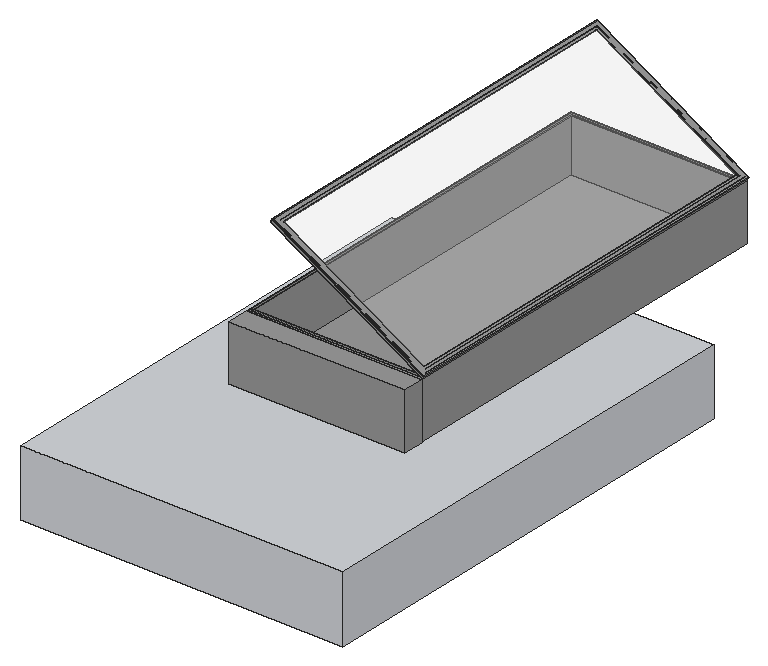
Revit family "Hager-Univers-IP55-D275-H1950-Cl.I-Steel_encl-DE-de", category Equipement électrique, Revit 2020
Family settings
  Hôte = Face
  Configuration du panneau = Deux colonnes, circuits au sein
  Cote de connecteur circulaire = Utiliser le diamètre
  Type d'élément = Tableau de raccordement
  Couper avec des vides une fois chargée = Non
  Partagée = Non
  Point de calcul de pièce = Non
Parameters (values of type "Bodenaufstellung IP55 B800 H1950 T275  - FR23K1")
  Width Control [instance] = if([EF000008 - Breite] > Min Width, [EF000008 - Breite], Min Width)  # 800 mm
  Commentaires du type = [HG000003 - Bereich]  # "Univers"
  Thickness Door [instance] = if([EF009171 - Materialstärke Tür/Deckel] > 3 mm, 3 mm, [EF009171 - Materialstärke Tür/Deckel])  # 1.5 mm
  Seal Frame Offset [instance] = 17 mm  # constant formula
  Plinth Visibility [instance] = [HG000027 - Sockelhöhe] > 0 mm  # yes
  Model = ""
  Min Width [instance] = 100 mm  # constant formula
  Min Height [instance] = 100 mm  # constant formula
  Min Depth [instance] = (2 * [EF009170 - Materialstärke Gehäuse]) + 1 mm  # 4 mm
  Internal Frame Depth [instance] = (Door System Depth * 0.5)  # 9 mm
  Height Control [instance] = if([EF000040 - Höhe] > Min Height, [EF000040 - Höhe], Min Height)  # 1950 mm
  HG000027 - Sockelhöhe = 100 mm
  HG000026 - Stehend auf dem Boden = yes
  HG000024 - Höhe des unteren Teils = 800 mm
  HG000023 - Gehäuse mit doppeltem Querschnitt = no
  HG000016 - 3D-Türsichtbarkeit [instance] = yes
  HG000015 - Sichtbarkeit der Türöffnung [instance] = no
  HG000014 - Tür rechts [instance] = yes
  HG000013 - Tür links [instance] = not([HG000014 - Tür rechts])  # no
  HG000012 - Türschwenkwinkel [instance] = 30.00°
  HG000010 - Asymmetrische Türen = no
  HG000009 - Doppelflügeligen Tür = no
  HG000006 - Unterputz = no
  HG000004 - Herstellerreferenz = "FR23K1"
  HG000003 - Bereich = "Univers"
  HG000002 - Mit tür = yes
  Frame Offset Bottom [instance] = 10 mm  # constant formula
  Frame Offset [instance] = 15 mm  # constant formula
  EF015940 - Deckel mit Überdruckentlastung = no
  EF011959 - Schutzart (NEMA) = ""
  EF009554 - Anzahl der Öffnungen für Flanschplatten = 6
  Fabricant = "Hager"  # constant formula
  EF009212 - Ausführung Deckel = "EV000116 - geschlossen"
  EF009171 - Materialstärke Tür/Deckel = 1.5 mm
  EF009170 - Materialstärke Gehäuse = 1.5 mm
  EF008873 - Nennstrom (In) = 800 A
  EF007800 - Geeignet für Blitzschutz = no
  EF006306 - Mit Schloss = no
  EF006244 - Transparenter Deckel/Tür = yes
  EF005474 - Schutzart (IP) = "EV006420 - IP55"
  EF004464 - Art der Tür = "EV002646 - Einzel"
  EF004427 - Anzahl der Module = 432
  EF004293 - Schlagfestigkeit = "EV008784 - IK10"
  EF003532 - Geeignet für Außengebrauch = no
  EF002950 - Breite in Teilungseinheiten = 24
  EF001613 - Funktionserhalt = "EV000494 - ohne"
  EF001596 - Werkstoff des Gehäuses = "EV000179 - Stahl"
  EF001131 - Innentiefe = 275 mm
  EF001088 - Anbaumöglichkeit = yes
  EF000437 - Anzahl der Leitungseinführungen = 6
  EF000339 - Art der Abdeckung = "EV004216 - Tür"
  EF000266 - Anzahl der Reihen = 12
  EF000218 - Einbautiefe = 0 mm
  EF000118 - Mit Montageplatte = no
  EF000116 - RAL-Nummer = "7035"
  EF000049 - Tiefe = 275 mm
  EF000040 - Höhe = 1950 mm
  EF000008 - Breite = 800 mm
  EF000007 - Farbe = "EV000270 - grau"
  EF000003 - Montageart = "EV012274 - Bodenaufstellung"
  Door System Leaf Tolerance [instance] = 1.5 mm  # constant formula
  Door System Depth [instance] = 18 mm  # constant formula
  Door Height [instance] = Height Control - [HG000027 - Sockelhöhe]  # 1850 mm
  Depth Control [instance] = if([EF000049 - Tiefe] > Min Depth, [EF000049 - Tiefe], Min Depth)  # 275 mm
  Default Elevation = 0 mm
  Connector Offset [instance] = Height Control / 2  # 975 mm
  Bottom Top Plate Trim [instance] = 1.5 mm  # constant formula
  Plinth height Ctrl [instance] = if([HG000027 - Sockelhöhe] > 0 mm, [HG000027 - Sockelhöhe], 12 mm)  # 100 mm
Types (11, lengths in mm): name | Width Control | HG000010 - Asymmetrische Türen | HG000009 - Doppelflügeligen Tür | HG000004 - Herstellerreferenz | EF009554 - Anzahl der Öffnungen für Flanschplatten | EF006244 - Transparenter Deckel/Tür | EF004464 - Art der Tür | EF004427 - Anzahl der Module | EF000437 - Anzahl der Leitungseinführungen | EF000008 - Breite
  Bodenaufstellung IP55 B1050 H1950 T275  - FR24E1 | 1050 | yes | yes | "FR24E1" | 8 | no | "EV003602 - Doppel" | 576 | 8 | 1050
  Bodenaufstellung IP55 B1050 H1950 T275  - FR24K1 | 1050 | yes | yes | "FR24K1" | 8 | yes | "EV003602 - Doppel" | 576 | 8 | 1050
  Bodenaufstellung IP55 B1300 H1950 T275  - FR25E1 | 1300 | yes | yes | "FR25E1" | 10 | no | "EV003602 - Doppel" | 720 | 10 | 1300
  Bodenaufstellung IP55 B1300 H1950 T275  - FR25K1 | 1300 | yes | yes | "FR25K1" | 10 | yes | "EV003602 - Doppel" | 720 | 10 | 1300
  Bodenaufstellung IP55 B1550 H1950 T275  - FR26E1 | 1550 | yes | yes | "FR26E1" | 12 | no | "EV003602 - Doppel" | 864 | 12 | 1550
  Bodenaufstellung IP55 B1550 H1950 T275  - FR26K1 | 1550 | yes | yes | "FR26K1" | 12 | yes | "EV003602 - Doppel" | 864 | 12 | 1550
  Bodenaufstellung IP55 B300 H1950 T275  - FR21E1 | 300 | no | no | "FR21E1" | 2 | no | "EV002646 - Einzel" | 144 | 2 | 300
  Bodenaufstellung IP55 B550 H1950 T275  - FR22E1 | 550 | no | no | "FR22E1" | 4 | no | "EV002646 - Einzel" | 288 | 4 | 550
  Bodenaufstellung IP55 B550 H1950 T275  - FR22K1 | 550 | no | no | "FR22K1" | 4 | yes | "EV002646 - Einzel" | 288 | 4 | 550
  Bodenaufstellung IP55 B800 H1950 T275  - FR23E1 | 800 | no | no | "FR23E1" | 6 | no | "EV002646 - Einzel" | 432 | 6 | 800
  Bodenaufstellung IP55 B800 H1950 T275  - FR23K1 | 800 | no | no | "FR23K1" | 6 | yes | "EV002646 - Einzel" | 432 | 6 | 800
Reference planes
  plane 1 "Center (Front/Back)": y = 0
  plane 2: z = 0
  plane 3 "Center (Left/Right)": x = 0
  plane 4: z = 275
  plane 5: y = 101.5
  plane 6: y = 1025
  plane 7: y = 100
  plane 8: y = 1950
  plane 9: z = 0
  plane 10: x = -385
  plane 11: x = 385
  plane 12: x = 383.5
  plane 13: x = -383.5
  plane 14: y = 1948.5
  plane 15: x = -383
  plane 16: x = -400
  plane 17: x = 383
  plane 18: x = 400
  plane 19: x = 398.5
  plane 20: x = -398.5
  plane 21: y = 111.5
  plane 22: y = 1950
  plane 23: y = 1933.5
  plane 24: z = 257
  plane 25: z = 1.5
  plane 26: z = 255.5
  plane 27: z = 273.5
Forms (mm)
  Extrusion 1, solid
    sketch origin (0, 0, 0) x (1, 0, 0) y (0, 1, 0)
      loop
        line (-702.964, 1305) -> (-702.964, -811.445) -> (766.763, -811.445) -> (766.763, 1305) -> (-702.964, 1305)
    from 0 to -304.8
  Extrusion 2, solid, material "Hager_Steel_RAL7035_Light_Grey", visible <- "Plinth Visibility", detail levels medium+fine
    sketch origin (0, 0, 0) x (1, 0, 0) y (0, 1, 0)
      loop
        line (-400, 0) -> (400, 0) -> (400, 100) -> (-400, 100) -> (-400, 0)
    from 0 to 257
  Extrusion 3, solid, material "Hager_Steel_RAL7035_Light_Grey", detail levels medium+fine
    sketch origin (0, 0, 0) x (1, 0, 0) y (0, 1, 0)
      loop
        line (-400, 100) -> (400, 100) -> (400, 1950) -> (-400, 1950) -> (-400, 100)
    from 0 to 257
  Extrusion 4, void
    sketch origin (0, 0, 0) x (1, 0, 0) y (0, 1, 0)
      loop
        line (-398.5, 101.5) -> (398.5, 101.5) -> (398.5, 1948.5) -> (-398.5, 1948.5) -> (-398.5, 101.5)
    from 1.5 to 255.5
  Extrusion 5, void
    sketch origin (-381.607, -4572, 257) x (0, -1, 0) y (-1, 0, 0)
      loop
        line (-4683.5, 1.893) -> (-6505.5, 1.893) -> (-6505.5, -765.107) -> (-4683.5, -765.107) -> (-4683.5, 1.893)
    from 0 to 1.5 <- "EF009170 - Materialstärke Gehäuse"
  Extrusion 6, solid, material "Hager_Steel_RAL7035_Light_Grey", detail levels fine
    sketch origin (0, 0, 257) x (1, 0, 0) y (0, 1, 0)
      loop
        line (-383.5, 1933.5) -> (-383.5, 111.5) -> (383.5, 111.5) -> (383.5, 1933.5) -> (-383.5, 1933.5)
      loop
        line (-385, 110) -> (385, 110) -> (385, 1935) -> (-385, 1935) -> (-385, 110)
    from 0 to 9 <- "Internal Frame Depth"
  Extrusion 7, solid, material "Hager_Steel_RAL7035_Light_Grey", detail levels coarse
    sketch origin (0, 0, 0) x (1, 0, 0) y (0, 1, 0)
      loop
        line (-400, 0) -> (400, 0) -> (400, 1950) -> (-400, 1950) -> (-400, 0)
    from 0 to 275
  Sweep 8, void
    path in 3D
      loop
        line (-400, 100, 0) -> (400, 100, 0) -> (400, 100, 257) -> (-400, 100, 257) -> (-400, 100, 0)
    profile origin (-400, 100, 128.5) x (-1, 0, 0) y (0, -1, 0)
      loop
        line (0, 0) -> (0, 1.5) -> (-1.5, 1.5)
        arc (-1.5, 1.5) -> (-1.061, 0.439) -> (0, 0) r 1.5
Cuts and joins
  Extrusion 4, Extrusion 5 cuts Extrusion 3
  Sweep 8 cuts Extrusion 2
Lines and regions (mm)
  Masking region 1
    outline origin (0, 0, 0) x (1, 0, 0) y (0, 0, 1)
      loop
        line (-400, 275) -> (-400, 0) -> (400, 0) -> (400, 275) -> (-400, 275)
  Masking region 2, detail levels medium+fine
    outline origin (0, 140, 0) x (0, 1, 0) y (0, 0, 1)
      loop
        line (-40, 0) -> (1810, 0) -> (1810, 257) -> (-40, 257) -> (-40, 0)
  Masking region 3, not visible, detail levels medium+fine
    outline origin (0, 297.922, 0) x (0, 1, 0) y (0, 0, 1)
      loop
        line (738.578, 0) -> (778.578, 0) -> (778.578, 263.5)
        arc (778.578, 263.5) -> (775.649, 270.571) -> (768.578, 273.5) r 10
        line (768.578, 273.5) -> (738.578, 273.5) -> (738.578, 0)
  Masking region 4, detail levels coarse
    outline origin (0, 0, 180) x (0, 1, 0) y (0, 0, 1)
      loop
        line (0, -180) -> (1950, -180) -> (1950, 95) -> (0, 95) -> (0, -180)
  Masking region 5, visible <- "Plinth Visibility", detail levels medium+fine
    outline origin (0, 52.24, 12.345) x (0, 0, -1) y (0, 1, 0)
      loop
        line (10.845, 47.76) -> (-243.155, 47.76)
        arc (-243.155, 47.76) -> (-243.594, 46.699) -> (-244.655, 46.26) r 1.5
        line (-244.655, 46.26) -> (-244.655, -52.24) -> (12.345, -52.24) -> (12.345, 46.26)
        arc (12.345, 46.26) -> (11.285, 46.699) -> (10.845, 47.76) r 1.5
  Masking region 6, detail levels medium+fine
    outline origin (-381.607, -4572, 257) x (-1, 0, 0) y (0, -1, 0)
      loop
        line (18.393, -6522) -> (18.393, -4672) -> (-781.607, -4672) -> (-781.607, -6522) -> (18.393, -6522)
  Masking region 7, visible <- "Plinth Visibility", detail levels medium+fine
    outline origin (-381.607, -4727, 257) x (-1, 0, 0) y (0, -1, 0)
      loop
        arc (16.893, -4827) -> (17.332, -4825.939) -> (18.393, -4825.5) r 1.5
        line (18.393, -4825.5) -> (18.393, -4727) -> (-781.607, -4727) -> (-781.607, -4825.5)
        arc (-781.607, -4825.5) -> (-780.546, -4825.939) -> (-780.107, -4827) r 1.5
        line (-780.107, -4827) -> (16.893, -4827)
  Masking region 8, detail levels coarse
    outline origin (-442.548, -4669.526, 257) x (-1, 0, 0) y (0, -1, 0)
      loop
        line (-42.548, -6619.526) -> (-42.548, -4669.526) -> (-842.548, -4669.526) -> (-842.548, -6619.526) -> (-42.548, -6619.526)
  sketch lines
    curve 1: line (-400, 100, 257) -> (-400, 100, 0)
    curve 2: line (400, 100, 257) -> (-400, 100, 257)
    curve 3: line (400, 100, 257) -> (400, 100, 0)
    curve 4: line (-400, 100, 0) -> (400, 100, 0)
Dimensions and locks
  "Depth Control": plane 4 to Extrusion 1
  "HG000027 - Sockelhöhe": plane 1 "Center (Front/Back)" to plane 7
  "EF009170 - Materialstärke Gehäuse": plane 5 to plane 7
  locked: connector elem to plane 3 "Center (Left/Right)"
  equal spacing: plane 8, plane 6, plane 7
  locked: connector elem to plane 6
  "EF009170 - Materialstärke Gehäuse": plane 8 to plane 14
  "EF009170 - Materialstärke Gehäuse": plane 10 to plane 13
  "EF009170 - Materialstärke Gehäuse": plane 12 to plane 11
  "Frame Offset": plane 20 to plane 13
  "Frame Offset": plane 12 to plane 19
  "EF009170 - Materialstärke Gehäuse": plane 16 to plane 20
  "EF009170 - Materialstärke Gehäuse": plane 19 to plane 18
  "Seal Frame Offset": plane 16 to plane 15
  "Seal Frame Offset": plane 17 to plane 18
  "Frame Offset Bottom": plane 21 to plane 5
  "Frame Offset": plane 14 to plane 23
  equal spacing: plane 16, plane 3 "Center (Left/Right)", plane 18
  "Width Control": plane 16 to plane 18
  "EF009170 - Materialstärke Gehäuse": plane 4 to plane 27
  "EF009170 - Materialstärke Gehäuse": plane 24 to plane 26
  "EF009170 - Materialstärke Gehäuse": plane 25 to level
  "Door System Depth": plane 4 to plane 24
  "Height Control": plane 1 "Center (Front/Back)" to Extrusion 7 sketch curve
  "Height Control": Masking region 4 sketch curve to plane 1 "Center (Front/Back)"
  "Height Control": plane 1 "Center (Front/Back)" to plane 22
  "Bottom Top Plate Trim": profile plane to Sweep 8 sketch curve
  "Bottom Top Plate Trim": Sweep 8 sketch curve to profile plane
  "Plinth height Ctrl": plane 1 "Center (Front/Back)" to Extrusion 2 sketch curve
  "Plinth height Ctrl": Masking region 5 sketch curve to plane 1 "Center (Front/Back)"
  "Plinth height Ctrl": plane 1 "Center (Front/Back)" to Masking region 7 sketch curve
  "Thickness Door": Extrusion 6 sketch curve to Extrusion 6 sketch curve  (x3)
  "Thickness Door": cut or joined group of Extrusion 3, Extrusion 4, Extrusion 5 to Extrusion 6 sketch curve
  radius of Masking region 3 sketch curve = 10 mm
  "Bottom Top Plate Trim": radius of Masking region 5 sketch curve  (x2)
  "Bottom Top Plate Trim": radius of Sweep 8 sketch curve
  "Bottom Top Plate Trim": radius of Masking region 7 sketch curve  (x2)
  aligned and locked: plane 2 to Extrusion 1
  aligned and locked: level to Extrusion 1
  aligned and locked: level to Masking region 1 sketch curve
  aligned and locked: Masking region 1 sketch curve to plane 18
  aligned and locked: Masking region 1 sketch curve to plane 16
  aligned and locked: plane 7 to Masking region 2 sketch curve
  aligned and locked: level to Masking region 3 sketch curve
  aligned and locked: Masking region 3 sketch curve to plane 27
  aligned and locked: level to Masking region 2 sketch curve
  aligned and locked: plane 1 "Center (Front/Back)" to Extrusion 2 sketch curve
  aligned and locked: Extrusion 3 sketch curve to plane 7
  aligned and locked: plane 16 to Extrusion 3 sketch curve
  aligned and locked: plane 18 to Extrusion 3 sketch curve
  aligned and locked: plane 20 to Extrusion 4 sketch curve
  aligned and locked: plane 19 to Extrusion 4 sketch curve
  aligned and locked: Extrusion 4 sketch curve to plane 5
  aligned and locked: Extrusion 4 to plane 25
  aligned and locked: plane 26 to Extrusion 4
  aligned and locked: plane 24 to Extrusion 3
  aligned and locked: Extrusion 5 sketch curve to plane 21
  aligned and locked: Extrusion 5 sketch curve to plane 13
  aligned and locked: Extrusion 5 sketch curve to plane 12
  aligned and locked: plane 18 to Extrusion 7 sketch curve
  aligned and locked: plane 1 "Center (Front/Back)" to Extrusion 7 sketch curve
  aligned and locked: plane 16 to Extrusion 7 sketch curve
  aligned and locked: plane 4 to Extrusion 7
  aligned and locked: Extrusion 7 to level
  aligned and locked: level to Masking region 4 sketch curve
  aligned and locked: Masking region 4 sketch curve to plane 1 "Center (Front/Back)"
  aligned and locked: Masking region 4 sketch curve to plane 4
  aligned and locked: nested 1 to level
  aligned and locked: nested 1 to plane 16
  aligned and locked: plane 8 to Extrusion 3 sketch curve
  aligned and locked: plane 23 to Extrusion 5 sketch curve
  aligned and locked: plane 14 to Extrusion 4 sketch curve
  aligned and locked: Masking region 2 sketch curve to plane 8
  aligned and locked: level to Masking region 5 sketch curve
  aligned and locked: plane 16 to Extrusion 2 sketch curve
  aligned and locked: plane 18 to Extrusion 2 sketch curve
  aligned and locked: Masking region 5 sketch curve to plane 24
  aligned and locked: Masking region 2 sketch curve to plane 24
  aligned and locked: plane 24 to Extrusion 2
  aligned and locked: profile plane to Sweep 8 sketch curve  (x2)
  aligned and locked: Masking region 6 sketch curve to plane 18
  aligned and locked: Masking region 6 sketch curve to plane 22
  aligned and locked: Masking region 6 sketch curve to plane 16
  aligned and locked: plane 8 to plane 22
  aligned and locked: Masking region 6 sketch curve to plane 7
  aligned and locked: Masking region 7 sketch curve to plane 16
  aligned and locked: Masking region 7 sketch curve to plane 1 "Center (Front/Back)"
  aligned and locked: Masking region 7 sketch curve to plane 18
  aligned and locked: Masking region 8 sketch curve to plane 1 "Center (Front/Back)"
  aligned and locked: Masking region 8 sketch curve to plane 18
  aligned and locked: Masking region 8 sketch curve to plane 22
  aligned and locked: Masking region 8 sketch curve to plane 16
  aligned and locked: nested 2 to plane 7
  aligned and locked: plane 3 "Center (Left/Right)" to nested 2
  aligned and locked: nested 2 to plane 24
  aligned and locked: Extrusion 6 sketch curve to cut or joined group of Extrusion 3, Extrusion 4, Extrusion 5  (x4)
Automatic sketch dimensions
  Extrusion 1 sketch curve to Extrusion 1 sketch curve = 1469.727 mm
  Extrusion 1 sketch curve to Extrusion 1 sketch curve = 2116.445 mm
  Masking region 1 sketch curve to plane 4 = 0 mm
  plane 6 to Masking region 3 sketch curve = 11.5 mm
  Masking region 3 sketch curve to Masking region 3 sketch curve = 30 mm
  Masking region 5 sketch curve to plane 1 "Center (Front/Back)" = 0 mm
Nested families
  nested 1: "Hager_Enclosure_Symbol" at (-400, 0, 0) x (1, 0, 0) z (0, -1, 0), Height <- "Depth Control", Width <- "Width Control", type "Hager_Enclosure_Symbol"
    with Width_Ctrl 800 mm, Width 800 mm, Height_Ctrl 275 mm, Height 275 mm, A_Width_Int 18.047 mm, A_Width 216.562 mm, A_Height_Ctrl 240.625 mm, A_Height 240.625 mm
  nested 2: "EC000058_Univers_Door" at (0, 100, 257) x (1, 0, 0) z (0, 1, 0), Leaf_Tolerance <- "Door System Leaf Tolerance", Angle <- "HG000012 - Türschwenkwinkel", Door_Depth <- "Door System Depth", Door_Left <- "HG000013 - Tür links", Transparent <- "EF006244 - Transparenter Deckel/Tür", Assymetrical <- "HG000010 - Asymmetrische Türen", Width <- "Width Control", Clearance <- "HG000015 - Sichtbarkeit der Türöffnung", Double <- "HG000009 - Doppelflügeligen Tür", 3d_Door <- "HG000016 - 3D-Türsichtbarkeit", Lock_Visibility <- "EF006306 - Mit Schloss", Width_Ctrl <- "Width Control", Door_Right <- "HG000014 - Tür rechts", Door <- "HG000002 - Mit tür", Height <- "Door Height", Thickness <- "Thickness Door", type "EC000058_Univers_Door", detail levels medium+fine
    with min_wh 4 mm, Width_Ctrl 800 mm, Width 800 mm, Transparent yes, Thickness 1.5 mm, Seal_Material Hager_Rubber, Lock_Visibility no, Lock_Material Hager_Plastic_RAL9005_Jet_Black, Leaf_Width 800 mm, Leaf_Tolerance_External_Sides 0 mm, Leaf_Tolerance 1.5 mm, Leaf_Offset 0 mm, Leaf_Height 1847 mm, Leaf_2_Width 800 mm, Leaf_2_Offset 400 mm, Leaf_1_Width 800 mm, Leaf_1_Offset 400 mm, Height_Ctrl 1850 mm, Height 1850 mm, Glass_Material Hager_Glass, Double_Clearance_Ctrl no, Double no, Door_Right_Ctrl yes, Door_Right yes, Door_Material Hager_Steel_RAL7035_Light_Grey, Door_Left_Ctrl no, Door_Left no, Door_Depth 18 mm, Door yes, Clearance_Material Hager_Clearance, Clearance_Depth 800 mm, Clearance_Ctrl no, Clearance no, Assymetrical no, Angle 30.00°, 3d_Door yes
Connectors
  electrical at (0, 1025, 0)
    settings: on plane 9, index 1, voltage 0 V, apparent load 0 VA, apparent load phase1 0 VA, apparent load phase2 0 VA, apparent load phase3 0 VA, power factor 1, load classification "Other", number of poles 1, system type 30, power factor state 1, is connector primary yes, connector utility no, sub classification motor no, connector description ""
Definition of nested family "EC000058_Univers_Door"
  Parameters (values of type "EC000058_Univers_Door")
    min_wh [instance] = (2 * Thickness) + 1 mm  # 11 mm
    Width_Ctrl [instance] = 400 mm
    Width [instance] = 500 mm
    Transparent [instance] = yes
    Thickness [instance] = 5 mm
    Seal_Material [instance] = none
    Lock_Visibility [instance] = yes
    Lock_Material [instance] = none
    Leaf_Width [instance] = if((Width_Ctrl - 2 * Leaf_Tolerance_External_Sides) > 0 mm, (Width_Ctrl - 2 * Leaf_Tolerance_External_Sides), min_wh)  # 400 mm
    Leaf_Tolerance_External_Sides [instance] = 0 mm  # constant formula
    Leaf_Tolerance [instance] = 1.5 mm
    Leaf_Offset [instance] = 0 mm  # constant formula
    Leaf_Height [instance] = if((Height_Ctrl - 2 * Leaf_Tolerance) > 0 mm, (Height_Ctrl - 2 * Leaf_Tolerance), min_wh)  # 497 mm
    Leaf_2_Width [instance] = if(and(and(Double, Assymetrical), Door_Left), (Leaf_Width / 3) - (Leaf_Tolerance / 2), if(and(and(Double, Assymetrical), Door_Right), (Leaf_Width / 3) * 2 - (Leaf_Tolerance / 2), if(and(Double, not(Assymetrical)), (Leaf_Width / 2) - Leaf_Tolerance, Leaf_Width)))  # 400 mm
    Leaf_2_Offset [instance] = if(and(Double, Assymetrical), Leaf_2_Width / 2, if(and(Double, not(Assymetrical)), Leaf_Width / 4, Leaf_Width / 2))  # 200 mm
    Leaf_1_Width [instance] = if(and(and(Double, Assymetrical), Door_Right), (Leaf_Width / 3) - (Leaf_Tolerance / 2), if(and(and(Double, Assymetrical), Door_Left), (Width / 3) * 2 - (Leaf_Tolerance / 2), if(and(Double, not(Assymetrical)), (Leaf_Width / 2) - Leaf_Tolerance, Leaf_Width)))  # 400 mm
    Leaf_1_Offset [instance] = if(and(Double, Assymetrical), Leaf_1_Width / 2, if(and(Double, not(Assymetrical)), Leaf_Width / 4, Leaf_Width / 2))  # 200 mm
    Height_Ctrl [instance] = if(Height > min_wh, Height, min_wh)  # 500 mm
    Height [instance] = 500 mm
    Glass_Material [instance] = none
    Double_Clearance_Ctrl [instance] = and(Double, Clearance)  # no
    Double [instance] = no
    Door_Right_Ctrl [instance] = and(or(Door_Right, Double), Door)  # yes
    Door_Right [instance] = yes
    Door_Material [instance] = none
    Door_Left_Ctrl [instance] = and(or(Door_Left, Double), Door)  # no
    Door_Left [instance] = no
    Door_Depth [instance] = 30 mm
    Door [instance] = yes
    Default Elevation = 1219.2 mm
    Clearance_Material [instance] = none
    Clearance_Depth [instance] = if(Leaf_1_Width > Leaf_2_Width, Leaf_1_Width, Leaf_2_Width)  # 400 mm
    Clearance_Ctrl [instance] = and(not(Double), Clearance)  # yes
    Clearance [instance] = yes
    Assymetrical [instance] = yes
    Angle [instance] = 30.00°
    3d_Door [instance] = yes
  Reference planes
    plane 1 "Center (Front/Back)": y = 0
    plane 2 "Bottom": z = 0
    plane 3 "Center (Left/Right)": x = 0
    plane 4: z = 500
    plane 5: x = -200
    plane 6: x = 200
    plane 7: z = 500
    plane 8: x = -200
    plane 9: z = 0
    plane 10: x = 200
    plane 11: y = 0
    plane 12: z = 1.5
    plane 13: x = -600
    plane 14: y = -400
    plane 15: x = 600
    plane 16: x = 0
    plane 17: x = 0
    plane 18: x = -200
    plane 19: x = 200
    plane 20: z = 498.5
  Forms (mm)
    Extrusion 1, solid, material <- "Clearance_Material", visible <- "Double_Clearance_Ctrl"
      sketch origin (1200, 0, 0) x (1, 0, 0) y (0, 0, -1)
        loop
          line (-1800, -498.5) -> (-600, -498.5) -> (-600, 0) -> (-1800, 0) -> (-1800, -498.5)
      from 0 to -400
  Dimensions and locks
    equal spacing: plane 5, plane 3 "Center (Left/Right)", plane 6
    "Width_Ctrl": plane 5 to plane 6
    "Leaf_Offset": plane 5 to plane 8
    "Leaf_Offset": plane 6 to plane 10
    "Leaf_Offset": plane 9 to level
    "Leaf_Offset": plane 4 to plane 7
    "Height_Ctrl": plane 4 to level
    "Leaf_Tolerance": plane 12 to plane 9
    locked: plane 11 to plane 1 "Center (Front/Back)"
    "Leaf_1_Offset": plane 18 to plane 16
    "Leaf_2_Offset": plane 17 to plane 19
    "Leaf_1_Width": plane 13 to plane 8
    "Leaf_2_Width": plane 10 to plane 15
    "Clearance_Depth": plane 14 to plane 1 "Center (Front/Back)"
    "Leaf_Tolerance_External_Sides": plane 8 to plane 18
    "Leaf_Tolerance_External_Sides": plane 19 to plane 10
    "Leaf_Tolerance": plane 7 to plane 20
    aligned and locked: level to plane 2 "Bottom"
    aligned and locked: nested 1 to plane 16
    aligned and locked: nested 2 to plane 17
    aligned and locked: Extrusion 1 to plane 13
    aligned and locked: plane 15 to Extrusion 1
    aligned and locked: Extrusion 1 to plane 14
    aligned and locked: plane 12 to nested 1
    aligned and locked: nested 2 to plane 12
    aligned and locked: Extrusion 1 to plane 11
    aligned and locked: plane 20 to Extrusion 1
    aligned and locked: nested 2 to plane 11
    aligned and locked: nested 1 to plane 11
  Automatic sketch dimensions
    Extrusion 1 sketch curve to level = 0 mm
    plane 5 to Extrusion 1 sketch curve = 400 mm
    plane 6 to Extrusion 1 sketch curve = 400 mm
    Extrusion 1 sketch curve to plane 4 = 1.5 mm
  Nested families
    nested 1: "EC000058_Univers_Door_Leaf" at (0, 0, 1.5), Width <- "Leaf_1_Width", visible <- "Door_Left_Ctrl", Leaf_Height <- "Leaf_Height", Angle <- "Angle", 3d_Door <- "3d_Door", Transparent <- "Transparent", Clearance Material <- "Clearance_Material", Clearance <- "Clearance_Ctrl", Door_Material <- "Door_Material", Glass_Material <- "Glass_Material", Door_Depth <- "Door_Depth", Lock_Material <- "Lock_Material", Seal_Material <- "Seal_Material", Lock_Visibility <- "Lock_Visibility", Thickness <- "Thickness", type "EC000058_Univers_Door_Leaf"
      with Width 400 mm, Transparent_Glass_Offset 30 mm, Transparent_Ctrl yes, Transparent yes, Thickness 5 mm, Standard no, Seal_Material none, Seal_D2 8 mm, Seal_D1 1 mm, Offset_Internal_Frame 10 mm, Lock_Width 20 mm, Lock_Visibility_3d yes, Lock_Visibility yes, Lock_Thickness_3 3 mm, Lock_Thickness_2 1 mm, Lock_Thickness_1 3 mm, Lock_Radius_Offset_2 16 mm, Lock_Radius_Offset_1 15 mm, Lock_Radius_2 5 mm, Lock_Radius 6 mm, Lock_Offset 5 mm, Lock_Material none, Lock_Height 80 mm, Lock_Cover_Top_Offset_2d 17 mm, Lock_Cover_Height -65 mm, Leaf_Height 497 mm, Internal_Seal_Thickness 8 mm, Internal_Seal_Depth_2 4.5 mm, Internal_Frame_Depth 25 mm, Glass_Thickness -1 mm, Glass_Offset -2 mm, Glass_Material none, Door_Material none, Door_Depth 30 mm, Clearance Material none, Clearance yes, Angle_Ctrl 30.00°, Angle 30.00°, 3d_Door yes
    nested 2: "EC000058_Univers_Door_Leaf" at (0, 0, 1.5) x (-1, 0, 0) z (0, 0, 1), Width <- "Leaf_2_Width", visible <- "Door_Right_Ctrl", Leaf_Height <- "Leaf_Height", Angle <- "Angle", 3d_Door <- "3d_Door", Transparent <- "Transparent", Clearance Material <- "Clearance_Material", Clearance <- "Clearance_Ctrl", Door_Material <- "Door_Material", Glass_Material <- "Glass_Material", Door_Depth <- "Door_Depth", Lock_Material <- "Lock_Material", Seal_Material <- "Seal_Material", Lock_Visibility <- "Lock_Visibility", Thickness <- "Thickness", type "EC000058_Univers_Door_Leaf"
      with Width 400 mm, Transparent_Glass_Offset 30 mm, Transparent_Ctrl yes, Transparent yes, Thickness 5 mm, Standard no, Seal_Material none, Seal_D2 8 mm, Seal_D1 1 mm, Offset_Internal_Frame 10 mm, Lock_Width 20 mm, Lock_Visibility_3d yes, Lock_Visibility yes, Lock_Thickness_3 3 mm, Lock_Thickness_2 1 mm, Lock_Thickness_1 3 mm, Lock_Radius_Offset_2 16 mm, Lock_Radius_Offset_1 15 mm, Lock_Radius_2 5 mm, Lock_Radius 6 mm, Lock_Offset 5 mm, Lock_Material none, Lock_Height 80 mm, Lock_Cover_Top_Offset_2d 17 mm, Lock_Cover_Height -65 mm, Leaf_Height 497 mm, Internal_Seal_Thickness 8 mm, Internal_Seal_Depth_2 4.5 mm, Internal_Frame_Depth 25 mm, Glass_Thickness -1 mm, Glass_Offset -2 mm, Glass_Material none, Door_Material none, Door_Depth 30 mm, Clearance Material none, Clearance yes, Angle_Ctrl 30.00°, Angle 30.00°, 3d_Door yes
  Definition of nested family "EC000058_Univers_Door_Leaf"
    Parameters (values of type "EC000058_Univers_Door_Leaf")
      Width [instance] = 2000 mm
      Transparent_Glass_Offset [instance] = 30 mm
      Transparent_Ctrl [instance] = and(Transparent, [3d_Door])  # yes
      Transparent [instance] = yes
      Thickness [instance] = 5 mm
      Standard [instance] = and(not(Transparent), [3d_Door])  # no
      Seal_Material [instance] = none
      Seal_D2 [instance] = 8 mm  # constant formula
      Seal_D1 [instance] = 1 mm  # constant formula
      Offset_Internal_Frame [instance] = 10 mm  # constant formula
      Lock_Width [instance] = 20 mm  # constant formula
      Lock_Visibility_3d [instance] = and(Lock_Visibility, [3d_Door])  # yes
      Lock_Visibility [instance] = yes
      Lock_Thickness_3 [instance] = 3 mm  # constant formula
      Lock_Thickness_2 [instance] = 1 mm  # constant formula
      Lock_Thickness_1 [instance] = 3 mm  # constant formula
      Lock_Radius_Offset_2 [instance] = Lock_Radius_Offset_1 + 1 mm  # 16 mm
      Lock_Radius_Offset_1 [instance] = 15 mm  # constant formula
      Lock_Radius_2 [instance] = Lock_Radius - 1 mm  # 5 mm
      Lock_Radius [instance] = 6 mm  # constant formula
      Lock_Offset [instance] = 5 mm  # constant formula
      Lock_Material [instance] = none
      Lock_Height [instance] = 80 mm  # constant formula
      Lock_Cover_Top_Offset_2d [instance] = Lock_Radius_Offset_2 + 1 mm  # 17 mm
      Lock_Cover_Height [instance] = -(Lock_Height - Lock_Radius_Offset_1)  # -65 mm
      Leaf_Height [instance] = 2720.336 mm
      Internal_Seal_Thickness [instance] = 8 mm  # constant formula
      Internal_Seal_Depth_2 [instance] = 4.5 mm  # constant formula
      Internal_Frame_Depth [instance] = if(Door_Depth - Thickness > 5 mm, Door_Depth - Thickness, 5 mm)  # 25 mm
      Glass_Thickness [instance] = if(Thickness > 15 mm, Glass_Offset + 10 mm, -1 mm)  # -1 mm
      Glass_Offset [instance] = if(Thickness > 15 mm, -(Thickness + 10 mm) / 2, -2 mm)  # -2 mm
      Glass_Material [instance] = none
      Door_Material [instance] = none
      Door_Depth [instance] = 30 mm
      Default Elevation = 0 mm
      Clearance Material [instance] = none
      Clearance [instance] = yes
      Angle_Ctrl [instance] = if(Angle > 180.00°, 180.00°, Angle)  # 90.00°
      Angle [instance] = 90.00°
      3d_Door [instance] = yes
    Reference planes
      plane 1 "Center (Front/Back)": y = 0
      plane 2: z = 0
      plane 3 "Center (Left/Right)": x = 0
      plane 4: y = 2000
      plane 5: x = -1000
      plane 6: x = 1000
      plane 7: x = -3000
      plane 8: z = 2720.336
      plane 9: z = 30
      plane 10: z = 2690.336
      plane 11: x = 970
      plane 12: x = -970
      plane 13: y = -3
      plane 14: z = 107.833
      plane 15: y = -5
      plane 16: y = -223.314
      plane 17: x = -1000
      plane 18: z = 1360.168
      plane 19: y = 30
    Forms (mm)
      Extrusion 1, solid, material <- "Clearance Material", visible <- "Clearance"
        sketch origin (0, 0, 0) x (1, 0, 0) y (0, 0, 1)
          loop
            line (-3000, 2720.336) -> (-3000, 0) -> (1000, 0) -> (1000, 2720.336) -> (-3000, 2720.336)
        from 0 to -2000
      Extrusion 2, solid, material <- "Door_Material", visible <- "Standard", detail levels medium+fine
        sketch origin (-1000, 0, 0) x (0, 1, 0) y (-1, 0, 0)
          loop
            line (0, 30) -> (0, 25) -> (2000, 25) -> (2000, 30) -> (0, 30)
        from 0 to 2720.336 <- "Leaf_Height"
      Extrusion 3, solid, material <- "Door_Material", visible <- "Transparent_Ctrl", detail levels medium+fine
        sketch origin (-1000, 0, 0) x (0, 1, 0) y (-1, 0, 0)
          loop
            line (0, 25) -> (2000, 25) -> (2000, 30) -> (0, 30) -> (0, 25)
        from 0 to 2720.336 <- "Leaf_Height"
      Extrusion 4, void
        sketch origin (-1025, 2000, 0) x (0, 1, 0) y (0, 0, -1)
          loop
            line (-30, -2690.336) -> (-30, -30) -> (-1970, -30) -> (-1970, -2690.336) -> (-30, -2690.336)
        from 0 to 5 <- "Thickness"
      Sweep 5, solid, material <- "Seal_Material", visible <- "Transparent_Ctrl", detail levels fine
        path in 3D
          loop
            line (-1025, 30, 30) -> (-1025, 30, 2690.336) -> (-1025, 1970, 2690.336) -> (-1025, 1970, 30) -> (-1025, 30, 30)
        profile origin (-1025, 1000, 30) x (1, 0, 0) y (0, 0, 1)
          loop
            line (0, 0) -> (0, -8) -> (1, -8) -> (1, 0) -> (0, 0)
      Extrusion 6, solid, material <- "Glass_Material", visible <- "Transparent_Ctrl", detail levels medium+fine
        sketch origin (-1030, 0, 0) x (0, 1, 0) y (0, 0, -1)
          loop
            line (1970, -2690.336) -> (1970, -30) -> (30, -30) -> (30, -2690.336) -> (1970, -2690.336)
        from -2 <- "Glass_Offset" to -1 <- "Glass_Thickness"
      Extrusion 7, solid, material <- "Door_Material", visible <- "3d_Door", detail levels medium+fine
        sketch origin (-1025, 2000, 0) x (0, -1, 0) y (0, 0, -1)
          loop
            line (0, -2720.336) -> (2000, -2720.336) -> (2000, 0) -> (0, 0) -> (0, -2720.336)
          loop
            line (1995, -5) -> (5, -5) -> (5, -2715.336) -> (1995, -2715.336) -> (1995, -5)
        from 0 to 25 <- "Internal_Frame_Depth"
      Sweep 8, solid, material <- "Seal_Material", visible <- "Transparent_Ctrl", detail levels fine
        path in 3D
          loop
            line (-1025, 0, 0) -> (-1025, 2000, 0) -> (-1025, 2000, 2720.336) -> (-1025, 0, 2720.336) -> (-1025, 0, 0)
        profile origin (-1025, 0, 1360.168) x (1, 0, 0) y (0, 1, 0)
          loop
            line (0, 10) -> (2.975, 10)
            arc (2.975, 10) -> (4.053, 10.447) -> (4.5, 11.525) r 1.525
            line (4.5, 11.525) -> (4.5, 16.527)
            arc (4.5, 16.527) -> (4.069, 17.569) -> (3.027, 18) r 1.473
            line (3.027, 18) -> (0, 18) -> (0, 10)
      Extrusion 9, solid, material <- "Lock_Material", visible <- "Lock_Visibility_3d", detail levels fine
        sketch origin (-1030, 0, 0) x (0, 1, 0) y (0, 0, -1)
          loop
            arc (1993.5, -1400.168) -> (1994.561, -1399.729) -> (1995, -1398.668) r 1.5
            line (1995, -1398.668) -> (1995, -1320.168) -> (1975, -1320.168) -> (1975, -1398.668)
            arc (1975, -1398.668) -> (1975.439, -1399.729) -> (1976.5, -1400.168) r 1.5
            line (1976.5, -1400.168) -> (1993.5, -1400.168)
        from 3 <- "Lock_Thickness_1" to 0
      Blend 10, solid, material <- "Lock_Material", visible <- "Lock_Visibility_3d", detail levels fine
        base sketch origin (-1033, 0, 0) x (0, 1, 0) y (0, 0, -1)
          loop
            line (1975, -1320.168) -> (1975, -1398.668)
            arc (1975, -1398.668) -> (1975.439, -1399.729) -> (1976.5, -1400.168) r 1.5
            line (1976.5, -1400.168) -> (1993.5, -1400.168)
            arc (1993.5, -1400.168) -> (1994.561, -1399.729) -> (1995, -1398.668) r 1.5
            line (1995, -1398.668) -> (1995, -1320.168) -> (1975, -1320.168)
        top sketch origin (-1033, 0, 0) x (0, 1, 0) y (0, 0, -1)
          loop
            line (1976, -1320.168) -> (1976, -1398.668)
            arc (1976, -1398.668) -> (1976.146, -1399.022) -> (1976.5, -1399.168) r 0.5
            line (1976.5, -1399.168) -> (1993.5, -1399.168)
            arc (1993.5, -1399.168) -> (1993.854, -1399.022) -> (1994, -1398.668) r 0.5
            line (1994, -1398.668) -> (1994, -1320.168) -> (1976, -1320.168)
        from 0 to 1 <- "Lock_Thickness_2"
      Blend 11, solid, material <- "Lock_Material", visible <- "Lock_Visibility_3d", detail levels fine
        base sketch origin (-1034, 0, 0) x (0, 1, 0) y (0, 0, -1)
          loop
            line (1978, -1320.168) -> (1978, -1384.168)
            arc (1978, -1384.168) -> (1985, -1391.168) -> (1992, -1384.168) r 7
            line (1992, -1384.168) -> (1992, -1320.168) -> (1978, -1320.168)
        top sketch origin (-1034, 0, 0) x (0, 1, 0) y (0, 0, -1)
          loop
            line (1991, -1320.168) -> (1979, -1320.168) -> (1979, -1383.168)
            arc (1979, -1383.168) -> (1985, -1389.168) -> (1991, -1383.168) r 6
            line (1991, -1383.168) -> (1991, -1320.168)
        from 0 to 3 <- "Lock_Thickness_3"
      Extrusion 12, solid, material <- "Lock_Material", visible <- "Lock_Visibility_3d", detail levels fine
        sketch origin (-1030, 1975, 1320.168) x (1, 0, 0) y (0, -1, 0)
          loop
            line (-7, -19) -> (-7, -1) -> (0, -1) -> (0, 0) -> (-8, 0) -> (-8, -20) -> (0, -20) -> (0, -19) -> (-7, -19)
        from 0 to -65 <- "Lock_Cover_Height"
      Extrusion 13, void
        sketch origin (-1038, 1995, 1320.168) x (-1, 0, 0) y (0, 0, -1)
          loop
            line (-5, -65) -> (0, -65) -> (-5, -60) -> (-5, -65)
        from 0 to 20 <- "Lock_Width"
      Extrusion 14, void
        sketch origin (-1038, 1975, 1320.168) x (0, -1, 0) y (0, 0, -1)
          loop
            circle (-10, -15.995) r 6
          loop
            circle (-10, -15.995) r 5
        from 0 to 2
      Extrusion 15, solid, material <- "Lock_Material", visible <- "Lock_Visibility_3d", detail levels medium
        sketch origin (-1030, 0, 0) x (0, 1, 0) y (0, 0, -1)
          loop
            arc (1993.5, -1400.168) -> (1994.561, -1399.729) -> (1995, -1398.668) r 1.5
            line (1995, -1398.668) -> (1995, -1320.168) -> (1975, -1320.168) -> (1975, -1398.668)
            arc (1975, -1398.668) -> (1975.439, -1399.729) -> (1976.5, -1400.168) r 1.5
            line (1976.5, -1400.168) -> (1993.5, -1400.168)
        from 8 to 0
    Cuts and joins
      Extrusion 4 cuts Extrusion 3
      Extrusion 13, Extrusion 14 cuts Extrusion 9
      Extrusion 14 cuts Blend 11
      Extrusion 13, Extrusion 14 cuts Extrusion 12
      joined: Extrusion 9, Blend 10, Blend 11, Extrusion 12
      Extrusion 14 cuts Extrusion 15
    Lines and regions (mm)
      Masking region 1, visible <- "Lock_Visibility", detail levels fine
        outline origin (0, 0, 0) x (0, 1, 0) y (0, 0, 1)
          loop
            line (30, 1320.168) -> (33, 1320.168) -> (33, 1400.168) -> (30, 1400.168) -> (30, 1320.168)
      Masking region 2, visible <- "Lock_Visibility", detail levels fine
        outline origin (0, 3.143, 0) x (0, 1, 0) y (0, 0, 1)
          loop
            line (29.857, 1354.168) -> (30.857, 1354.168) -> (30.857, 1366.168) -> (29.857, 1366.168) -> (29.857, 1354.168)
      Masking region 3, detail levels medium+fine
        outline origin (0, 0, 0) x (0, 1, 0) y (0, 0, 1)
          loop
            line (0, 0) -> (30, 0) -> (30, 2720.336) -> (0, 2720.336) -> (0, 0)
      Masking region 4, detail levels medium+fine
        outline origin (0, 0, 0) x (1, 0, 0) y (0, 0, 1)
          loop
            line (-1000, 2720.336) -> (-1000, 0) -> (1000, 0) -> (1000, 2720.336) -> (-1000, 2720.336)
      Masking region 5, visible <- "Lock_Visibility", detail levels fine
        outline origin (-47.116, 0, 0) x (1, 0, 0) y (0, 0, 1)
          loop
            arc (1024.616, 1399.168) -> (1023.556, 1398.729) -> (1023.116, 1397.668) r 1.5
            line (1023.116, 1397.668) -> (1023.116, 1320.168) -> (1041.116, 1320.168) -> (1041.116, 1397.668)
            arc (1041.116, 1397.668) -> (1040.677, 1398.729) -> (1039.616, 1399.168) r 1.5
            line (1039.616, 1399.168) -> (1024.616, 1399.168)
      Masking region 6, visible <- "Lock_Visibility", detail levels medium+fine
        outline origin (-25, 0, 0) x (1, 0, 0) y (0, 0, 1)
          loop
            arc (1001.5, 1400.168) -> (1000.439, 1399.729) -> (1000, 1398.668) r 1.5
            line (1000, 1398.668) -> (1000, 1320.168) -> (1020, 1320.168) -> (1020, 1398.668)
            arc (1020, 1398.668) -> (1019.561, 1399.729) -> (1018.5, 1400.168) r 1.5
            line (1018.5, 1400.168) -> (1001.5, 1400.168)
      Masking region 7, visible <- "Lock_Visibility", detail levels fine
        outline origin (-73.735, 0, 0) x (1, 0, 0) y (0, 0, 1)
          loop
            line (1051.735, 1382.168) -> (1065.735, 1382.168) -> (1065.735, 1384.168)
            arc (1065.735, 1384.168) -> (1058.735, 1391.168) -> (1051.735, 1384.168) r 7
            line (1051.735, 1384.168) -> (1051.735, 1382.168)
      Masking region 8, visible <- "Lock_Visibility", detail levels fine
        outline origin (-73.735, 0, 0) x (1, 0, 0) y (0, 0, 1)
          loop
            line (1052.735, 1382.168) -> (1064.735, 1382.168) -> (1064.735, 1383.168)
            arc (1064.735, 1383.168) -> (1058.735, 1389.168) -> (1052.735, 1383.168) r 6
            line (1052.735, 1383.168) -> (1052.735, 1382.168)
      Masking region 9, visible <- "Lock_Visibility", detail levels fine
        outline origin (-25, 0, 0) x (1, 0, 0) y (0, 0, 1)
          loop
            line (1020, 1320.168) -> (1020, 1382.168) -> (1000, 1382.168) -> (1000, 1320.168) -> (1020, 1320.168)
      Masking region 10, detail levels medium+fine
        outline origin (0, 0, 0) x (1, 0, 0) y (0, 0, 1)
          loop
            circle (985, 1335.144) r 6
      Masking region 11, detail levels fine
        outline origin (0, 0, 0) x (1, 0, 0) y (0, 0, 1)
          loop
            circle (985, 1335.144) r 5
      Masking region 12, visible <- "Lock_Visibility", detail levels fine
        outline origin (0, 12.767, 0) x (0, 1, 0) y (0, 0, 1)
          loop
            line (20.233, 1320.168) -> (21.233, 1320.168) -> (21.233, 1399.168) -> (20.233, 1400.168) -> (20.233, 1320.168)
      Masking region 13, visible <- "Lock_Visibility", detail levels fine
        outline origin (0, 13.767, -10) x (0, 1, 0) y (0, 0, 1)
          loop
            line (20.233, 1330.168) -> (23.233, 1330.168) -> (23.233, 1399.168) -> (20.233, 1402.168) -> (20.233, 1330.168)
      Masking region 14, visible <- "Lock_Visibility", detail levels fine
        outline origin (0, 12.767, -10) x (0, 1, 0) y (0, 0, 1)
          loop
            line (20.233, 1330.168) -> (25.233, 1330.168) -> (25.233, 1399.305) -> (20.233, 1394.305) -> (20.233, 1330.168)
      Masking region 15, visible <- "Lock_Visibility", detail levels medium
        outline origin (0, 0, 0) x (0, 1, 0) y (0, 0, 1)
          loop
            line (30, 1320.168) -> (38, 1320.168) -> (38, 1400.168) -> (30, 1400.168) -> (30, 1320.168)
      Masking region 16, visible <- "Lock_Visibility", detail levels fine
        outline origin (-1000, 0, 0) x (0, 1, 0) y (-1, 0, 0)
          loop
            line (1975, 30) -> (1995, 30) -> (1995, 38) -> (1975, 38) -> (1975, 30)
          loop
            line (1979, 37) -> (1976, 37) -> (1976, 34) -> (1978, 34) -> (1979, 37)
          loop
            line (1994, 37) -> (1991, 37) -> (1992, 34) -> (1994, 34) -> (1994, 37)
      Masking region 17, visible <- "Lock_Visibility", detail levels medium
        outline origin (-1000, 0, 0) x (0, 1, 0) y (-1, 0, 0)
          loop
            line (1975, 30) -> (1995, 30) -> (1995, 38) -> (1975, 38) -> (1975, 30)
      symbolic lines
        curve 1: line (1000, 0, 0) -> (-3000, 0, 0)
        curve 2: arc (1000, 0, 0) -> (-1000, 2000, 0) -> (-3000, 0, 0) r 2000
        curve 4: line (-1030, 0, 0) -> (-1030, 2000, 0)
      reference lines
        curve 3: line (-1000, 0, 0) -> (-1000, 2000, 0)
      symbolic lines, detail levels medium+fine
        curve 5: line (-1030, 2000, 0) -> (-1025, 2000, 0)
        curve 7: line (-1025, 0, 0) -> (-1030, 0, 0)
        curve 8: line (-1025, 0, 0) -> (-1000, 0, 0)
        curve 9: line (-1000, 0, 0) -> (-1000, 2000, 0)
        curve 10: line (-1000, 2000, 0) -> (-1025, 2000, 0)
      symbolic lines, detail levels fine
        curve 6: line (-1025, 2000, 0) -> (-1025, 0, 0)
      sketch lines
        curve 11: line (-1025, 0, 2720.336) -> (-1025, 0, 0)
        curve 12: line (-1025, 2000, 0) -> (-1025, 0, 0)
        curve 13: line (-1025, 2000, 2720.336) -> (-1025, 2000, 0)
        curve 14: line (-1025, 0, 2720.336) -> (-1025, 2000, 2720.336)
        curve 15: line (-1025, 1970, 30) -> (-1025, 30, 30)
        curve 16: line (-1025, 30, 30) -> (-1025, 30, 2690.336)
        curve 17: line (-1025, 1970, 2690.336) -> (-1025, 1970, 30)
        curve 18: line (-1025, 30, 2690.336) -> (-1025, 1970, 2690.336)
      symbolic lines, visible <- "Transparent", detail levels medium+fine
        curve 19: line (-970, 0, 2690.336) -> (970, 0, 2690.336)
        curve 20: line (-970, 0, 30) -> (-970, 0, 2690.336)
        curve 21: line (970, 0, 30) -> (-970, 0, 30)
        curve 22: line (970, 0, 2690.336) -> (970, 0, 30)
    Dimensions and locks
      "Width": plane 1 "Center (Front/Back)" to plane 4
      equal spacing: plane 5, plane 3 "Center (Left/Right)", plane 6
      "Width": plane 5 to plane 6
      "Width": plane 7 to plane 5
      "Leaf_Height": plane 8 to level
      "Width": curve 5 to curve 3
      "Width": curve 3 to curve 3
      plane 8 to plane 10 = 30 mm
      plane 9 to level = 30 mm
      plane 12 to plane 5 = 30 mm
      plane 6 to plane 11 = 30 mm
      Extrusion 1 to Extrusion 4 sketch curve = 30 mm
      "Transparent_Glass_Offset": curve 3 to Extrusion 4 sketch curve
      "Transparent_Glass_Offset": Extrusion 4 sketch curve to cut or joined group of Extrusion 3, Extrusion 4  (x2)
      cut or joined group of Extrusion 3, Extrusion 4 to Extrusion 6 sketch curve = 30 mm
      "Transparent_Glass_Offset": cut or joined group of Extrusion 3, Extrusion 4 to Extrusion 4 sketch curve
      "Thickness": curve 6 to curve 4
      "Thickness": Extrusion 7 sketch curve to Extrusion 7 sketch curve  (x4)
      "Door_Depth": curve 4 to curve 3
      "Offset_Internal_Frame": profile plane to Sweep 8 sketch curve
      "Internal_Seal_Thickness": Sweep 8 sketch curve to Sweep 8 sketch curve
      "Internal_Seal_Depth_2": profile plane to Sweep 8 sketch curve
      "Seal_D1": profile plane to Sweep 5 sketch curve
      "Seal_D2": profile plane to Sweep 5 sketch curve
      "Thickness": Extrusion 2 sketch curve to Extrusion 2 sketch curve
      equal spacing: Extrusion 9 sketch curve, plane 18, Extrusion 9 sketch curve  (x2)
      equal spacing: Masking region 1 sketch curve, plane 18, Masking region 1 sketch curve
      "Lock_Height": Masking region 1 sketch curve to Masking region 1 sketch curve
      "Lock_Radius": Masking region 2 sketch curve to plane 18 to Masking region 2 sketch curve
      Masking region 2 sketch curve to Masking region 1 = 1 mm
      "Door_Depth": plane 19 to plane 1 "Center (Front/Back)"
      "Lock_Thickness_1": Masking region 1 sketch curve to plane 19
      "Lock_Width": Extrusion 9 sketch curve to Extrusion 9 sketch curve
      "Lock_Height": Extrusion 9 sketch curve to Extrusion 9 sketch curve
      "Lock_Offset": cut or joined group of Extrusion 3, Extrusion 4 to Extrusion 9 sketch curve
      equal spacing: plane 8, plane 18, level
      "Lock_Radius_Offset_1": Blend 11 sketch curve to Blend 10
      locked: Blend 10 to Blend 11 sketch curve at 2  (x2)
      locked: var sketch to Blend 11 sketch curve at 1  (x2)
      "Lock_Radius_Offset_2": Blend 11 sketch curve to Blend 10
      locked: Extrusion 12 sketch curve to Extrusion 12 sketch curve at 1  (x3)
      Masking region 6 sketch curve to Masking region 6 sketch curve = 80 mm
      "Lock_Height": Masking region 6 sketch curve to Masking region 6 sketch curve
      "Lock_Width": Masking region 6 sketch curve to Masking region 6 sketch curve
      locked: Masking region 6 to Masking region 5 sketch curve at 1  (x3)
      locked: Masking region 5 to Masking region 7 sketch curve at 2  (x2)
      "Lock_Radius_Offset_1": Masking region 5 to Masking region 7 sketch curve
      "Lock_Radius_Offset_2": Masking region 5 to Masking region 8 sketch curve
      locked: Masking region 7 to Masking region 8 sketch curve at 1  (x2)
      "Lock_Cover_Top_Offset_2d": Masking region 5 to Masking region 9 sketch curve
      equal spacing: Masking region 9, Masking region 10 sketch curve, Masking region 9
      equal spacing: Masking region 9, Masking region 11 sketch curve, Masking region 9
      Extrusion 15 sketch curve to Extrusion 15 sketch curve = 80 mm
      "Lock_Width": Extrusion 15 sketch curve to Extrusion 15 sketch curve
      "Lock_Height": Extrusion 15 sketch curve to Extrusion 15 sketch curve
      equal spacing: Extrusion 15 sketch curve, plane 18, Extrusion 15 sketch curve
      "Lock_Thickness_3": Masking region 13 sketch curve to Masking region 13 sketch curve
      "Lock_Height": Masking region 12 sketch curve to Masking region 12 sketch curve
      locked: Masking region 13 sketch curve to Masking region 1 at 8
      locked: Masking region 14 sketch curve to Masking region 13 at 1
      locked: Masking region 14 sketch curve to Masking region 1 at 10.863
      "Lock_Height": Masking region 15 sketch curve to Masking region 15 sketch curve
      "Lock_Offset": Extrusion 15 sketch curve to cut or joined group of Extrusion 3, Extrusion 4
      "Lock_Offset": plane 6 to Masking region 6 sketch curve
      radius of Sweep 8 sketch curve = 1.525 mm
      radius of Sweep 8 sketch curve = 1.473 mm
      radius of Extrusion 9 sketch curve = 1.5 mm  (x2)
      "Lock_Radius": radius of Extrusion 14 sketch curve
      "Lock_Radius_2": radius of Extrusion 14 sketch curve
      "Lock_Radius": radius of Masking region 10 sketch curve
      "Lock_Radius_2": radius of Masking region 11 sketch curve
      radius of Extrusion 15 sketch curve = 1.5 mm  (x2)
      "Angle_Ctrl": angle plane 1 "Center (Front/Back)" to curve 3
      locked: Masking region 12 sketch curve to Masking region 12 sketch curve (angle 45.00°)
      locked: Masking region 13 sketch curve to Masking region 13 sketch curve (angle 45.00°)
      locked: Masking region 14 sketch curve to Masking region 14 sketch curve (angle 45.00°)
      aligned and locked: level to plane 2
      aligned and locked: Extrusion 1 to curve 1
      aligned and locked: plane 6 to Extrusion 1
      aligned and locked: Extrusion 1 to plane 1 "Center (Front/Back)"
      aligned and locked: plane 4 to Extrusion 1
      aligned and locked: plane 8 to Extrusion 1
      aligned and locked: curve 7 to Extrusion 2 sketch curve
      aligned and locked: curve 5 to Extrusion 2 sketch curve
      aligned and locked: curve 7 to Extrusion 3 sketch curve
      aligned and locked: Extrusion 3 sketch curve to curve 4
      aligned and locked: Extrusion 3 sketch curve to curve 6
      aligned and locked: Extrusion 3 sketch curve to curve 5
      aligned and locked: curve 9 to curve 3
      aligned and locked: Extrusion 7 sketch curve to cut or joined group of Extrusion 3, Extrusion 4  (x4)
      aligned and locked: plane 17 to curve 3
      aligned and locked: plane 1 "Center (Front/Back)" to curve 3
      aligned and locked: plane 17 to plane 5
      aligned and locked: Sweep 8 sketch curve to profile plane
      aligned and locked: Sweep 5 sketch curve to profile plane  (x2)
      aligned and locked: Masking region 1 to Masking region 2 sketch curve
      aligned and locked: plane 19 to Masking region 1 sketch curve
      aligned and locked: plane 1 "Center (Front/Back)" to Masking region 3 sketch curve
      aligned and locked: plane 19 to Masking region 3 sketch curve
      aligned and locked: level to Masking region 3 sketch curve
      aligned and locked: Masking region 3 sketch curve to plane 8
      aligned and locked: plane 17 to Masking region 4 sketch curve
      aligned and locked: level to Masking region 4 sketch curve
      aligned and locked: Masking region 4 sketch curve to plane 8
      aligned and locked: plane 12 to curve 20
      aligned and locked: plane 10 to curve 19
      aligned and locked: plane 11 to curve 22
      aligned and locked: curve 21 to plane 9
      aligned and locked: Extrusion 2 sketch curve to cut or joined group of Extrusion 3, Extrusion 4
      aligned and locked: Blend 10 sketch curve to Extrusion 9  (x4)
      aligned and locked: Extrusion 9 to Blend 10 sketch curve
      aligned and locked: Blend 10 to Blend 11 sketch curve
      aligned and locked: Extrusion 12 sketch curve to Blend 11
      aligned and locked: Extrusion 12 sketch curve to Extrusion 9  (x4)
      aligned and locked: Masking region 5 sketch curve to Masking region 6
      aligned and locked: Masking region 9 sketch curve to Masking region 6  (x3)
      aligned and locked: Masking region 12 sketch curve to Masking region 1
      aligned and locked: Masking region 13 sketch curve to Masking region 1
      aligned and locked: Masking region 12 to Masking region 14
      aligned and locked: Masking region 14 sketch curve to Masking region 1
      aligned and locked: Masking region 15 sketch curve to Masking region 14
      aligned and locked: Masking region 13 sketch curve to Masking region 12
      aligned and locked: Masking region 16 sketch curve to cut or joined group of Extrusion 14, Extrusion 15  (x4)
      aligned and locked: Masking region 16 sketch curve to cut or joined group of Extrusion 9, Blend 10, Blend 11, Extrusion 12, Extrusion 13, Extrusion 14  (x6)
      aligned and locked: cut or joined group of Extrusion 9, Blend 10, Blend 11, Extrusion 12, Extrusion 13, Extrusion 14 to Masking region 16 sketch curve
      aligned and locked: Masking region 17 sketch curve to cut or joined group of Extrusion 14, Extrusion 15  (x3)
      aligned and locked: Masking region 17 sketch curve to cut or joined group of Extrusion 9, Blend 10, Blend 11, Extrusion 12, Extrusion 13, Extrusion 14
      aligned and locked: Masking region 9 to Masking region 8 sketch curve
      aligned and locked: Masking region 9 to Masking region 7 sketch curve
    Automatic sketch dimensions
      plane 1 "Center (Front/Back)" to curve 2 = 0 mm
      curve 2 to plane 5 = 0 mm
      Extrusion 1 sketch curve to level = 0 mm
      Extrusion 1 sketch curve to plane 7 = 0 mm
      Extrusion 1 sketch curve to plane 6 = 0 mm
      Extrusion 1 sketch curve to plane 8 = 0 mm
      Extrusion 3 to Extrusion 6 sketch curve = 30 mm  (x4)
      Masking region 4 sketch curve to plane 6 = 0 mm
      Blend 10 sketch curve to Extrusion 9 = 1.5 mm
      Blend 10 sketch curve to Extrusion 9 = 1 mm
      Extrusion 13 sketch curve to Extrusion 12 = 0 mm  (x2)
      Extrusion 12 to Extrusion 13 sketch curve = 3 mm
      Extrusion 13 sketch curve to Extrusion 12 = 5 mm
      Extrusion 14 sketch curve to Extrusion 14 sketch curve = 0 mm  (x2)
      Extrusion 14 sketch curve to Extrusion 12 = 10 mm
      Extrusion 14 sketch curve to Extrusion 12 = 15.995 mm
      Masking region 5 sketch curve to Masking region 5 sketch curve = 1.5 mm  (x2)
      Masking region 10 sketch curve to plane 18 = 25.024 mm
      Masking region 11 sketch curve to plane 18 = 25.024 mm
      plane 19 to Masking region 14 sketch curve = 3 mm
      Masking region 16 sketch curve to Masking region 16 sketch curve = 3 mm
      curve 4 to curve 3 = 0 mm
      Blend 10 to Blend 11 sketch curve = 0 mm
      Masking region 6 sketch curve to Masking region 6 sketch curve = 1.5 mm  (x2)
      Masking region 6 sketch curve to plane 18 = 40 mm
      plane 19 to Masking region 12 sketch curve = 3 mm
      Masking region 12 sketch curve to Masking region 12 sketch curve = 1 mm
      Masking region 15 sketch curve to plane 19 = 0 mm
      Masking region 15 sketch curve to plane 18 = 40 mm
      radius of Blend 10 sketch curve to Extrusion 9 = 1 mm
Definition of nested family "Hager_Enclosure_Symbol"
  Parameters (values of type "Hager_Enclosure_Symbol")
    Width_Ctrl [instance] = if(Width > 1 mm, Width, 1 mm)  # 102.27 mm
    Width [instance] = 102.27 mm
    Height_Ctrl [instance] = if(Height > 1 mm, Height, 1 mm)  # 66.5 mm
    A_Width_Int [instance] = if(A_Width / 12 > 2 mm, A_Width / 12, 2 mm)  # 4.364 mm
    A_Width [instance] = if(A_Height_Ctrl * 0.9 > 2 mm, A_Height_Ctrl * 0.9, 2 mm)  # 52.369 mm
    A_Height_Ctrl [instance] = if(A_Height > 2 mm, A_Height, 2 mm)  # 58.188 mm
    Height [instance] = 66.5 mm
    A_Height [instance] = Height - (Height / 8)  # 58.188 mm
  Reference planes
    plane 1 "Centre (avant/arrière)": y = 0
    plane 2: z = 0
    plane 3 "Centre (gauche/droite)": x = 0
    plane 4: x = 52.369
    plane 5: y = 33.042
    plane 6: y = 41.77
    plane 7: y = 66.5
    plane 8: x = 26.184
    plane 9: y = 37.406
    plane 10: x = 102.27
    plane 11: y = 66.5
    plane 12: y = 8.313
  Lines and regions (mm)
    Filled region 1, type "Solid_Black", in view "Niveau de réf."
      outline origin (0, 0, 0) x (1, 0, 0) y (0, 1, 0)
        loop
          line (52.369, 66.5) -> (33.188, 54.536) -> (45.365, 45.006) -> (52.369, 66.5)
    Filled region 2, type "Solid_Black", in view "Niveau de réf."
      outline origin (0, 0, 0) x (1, 0, 0) y (0, 1, 0)
        loop
          line (0, 0) -> (102.27, 0) -> (102.27, 66.5) -> (0, 0)
    detail lines, in view "Niveau de réf."
      curve 1: line (0, 8.313, 0) -> (26.184, 41.77, 0)
      curve 2: line (26.184, 41.77, 0) -> (26.184, 33.042, 0)
      curve 3: line (26.184, 33.042, 0) -> (52.369, 66.5, 0)
  Dimensions and locks
    "A_Width": plane 3 "Centre (gauche/droite)" to plane 4
    equal spacing: plane 3 "Centre (gauche/droite)", plane 8, plane 4
    equal spacing: plane 6, plane 9, plane 5
    equal spacing: curve 3, Filled region 1 sketch curve, Filled region 1 sketch curve
    "Height_Ctrl": plane 1 "Centre (avant/arrière)" to plane 11
    "A_Height_Ctrl": plane 11 to plane 12
    equal spacing: plane 11, plane 9, plane 12
    "A_Width_Int": plane 6 to plane 9
    "Width_Ctrl": plane 3 "Centre (gauche/droite)" to plane 10
    angle Filled region 1 sketch curve to curve 3 = 20.00°
    angle curve 3 to Filled region 1 sketch curve = 20.00°
    locked: curve 3 to Filled region 1 sketch curve (angle 90.00°)
    aligned and locked: plane 10 to Filled region 2
    aligned and locked: plane 11 to Filled region 2 sketch curve
    aligned and locked: plane 10 to Filled region 2 sketch curve
    aligned and locked: plane 3 "Centre (gauche/droite)" to curve 1
    aligned and locked: plane 12 to curve 1
    aligned and locked: plane 7 to plane 11
  Automatic sketch dimensions
    Filled region 1 sketch curve to plane 4 = 0 mm
    Filled region 1 sketch curve to plane 7 = 0 mm
    plane 1 "Centre (avant/arrière)" to Filled region 2 sketch curve = 0 mm
    Filled region 2 sketch curve to plane 3 "Centre (gauche/droite)" = 0 mm
    curve 2 to plane 6 = 0 mm
    curve 2 to plane 8 = 0 mm
    curve 3 to plane 4 = 0 mm
    curve 2 to plane 5 = 0 mm
    curve 3 to plane 7 = 0 mm
